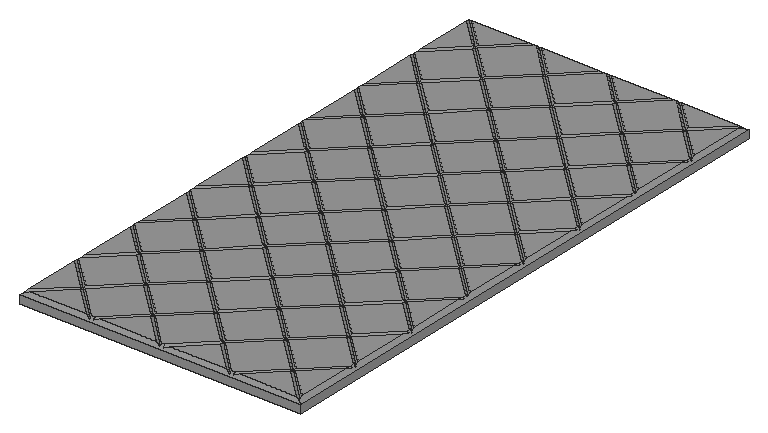
Revit family "CROSSED-2X4", category Generic Models, Revit 2024
Family settings
  Can host rebar = No
  Round Connector Dimension = Use Diameter
  Part Type = Normal
  Work Plane-Based = No
  Always vertical = Yes
  Cut with Voids When Loaded = No
  Maintain Annotation Orientation = No
  Shared = No
  Room Calculation Point = No
Parameters (values of type "STANDARD - CUSTOM PAINTED")
  URL = "https://www.acousticalsurfaces.com/envirocoustic-wood-wool/designs/"
  Thickness = 0' - 1"
  Material = "Envirocoustic Wood Wool"
  Manufacturer = "Acoustical Surfaces, Inc."
  Finish = Custom Painted
  Default Elevation = 0' - 0"
  Backer Thickness = 0' - 1"
  Backer = no
Types (9): name | Finish | Backer Thickness | Backer
  STANDARD - CUSTOM PAINTED | Custom Painted | 0' - 1" | no
  STANDARD - PRIMED WHITE | Primed White | 0' - 1" | no
  STANDARD - PRIMED CLEAR | Primed Clear | 0' - 1" | no
  2 INCH CFAB BACKER - PRIMED WHITE | Primed White | 0' - 2" | yes
  1 INCH CFAB BACKER - PRIMED WHITE | Primed White | 0' - 1" | yes
  2 INCH CFAB BACKER - PRIMED CLEAR | Primed Clear | 0' - 2" | yes
  1 INCH CFAB BACKER - PRIMED CLEAR | Primed Clear | 0' - 1" | yes
  2 INCH CFAB BACKER - CUSTOM PAINTED | Custom Painted | 0' - 2" | yes
  1 INCH CFAB BACKER - CUSTOM PAINTED | Custom Painted | 0' - 1" | yes
Reference planes (in)
  plane 1 "Center (Front/Back)": y = 0
  plane 2: z = 0
  plane 3 "Center (Left/Right)": x = 0
  plane 4: x = -12
  plane 5: x = 12
  plane 6: y = 24
  plane 7: y = -24
  plane 8: z = 1
  plane 9: z = -1
Forms (in)
  Extrusion 1, solid, material "Custom Painted" <- "Finish"
    sketch origin (0, 0, 0) x (1, 0, 0) y (0, 1, 0)
      loop
        line (12, 24) -> (-12, 24) -> (-12, -24) -> (12, -24) -> (12, 24)
    from 0 to 1
  Sweep 2, void
    path in 3D
      loop
        line (12, 24, 1) -> (-12, 24, 1) -> (-12, -24, 1) -> (12, -24, 1) -> (12, 24, 1)
    profile "Triangle : Family2" origin (12, 0, 1) x (-1, 0, 0) y (0, 0, 1)
      loop
        line (0, 0) -> (0, -0.315) -> (0.315, 0) -> (0, 0)
  Extrusion 3, solid, visible <- "Backer"
    sketch origin (0, 0, 0) x (1, 0, 0) y (0, 1, 0)
      loop
        line (12, 24) -> (-12, 24) -> (-12, -24) -> (12, -24) -> (12, 24)
    from 0 to -1
  Sweep 4, void
    path origin (0, 0, 1) x (1, 0, 0) y (0, 1, 0)
      loop
        line (12.00002, 18) -> (6.00002, 24)
    profile "Groove : Family2" origin (9.00002, 21, 1) x (-0.707107, -0.707107, 0) y (0, 0, 1)
      loop
        line (-0.1575, 0) -> (0, -0.1575) -> (0.1575, 0) -> (-0.1575, 0)
  Sweep 5, void
    path origin (0, 0, 1) x (1, 0, 0) y (0, 1, 0)
      loop
        line (12, 12) -> (0, 24)
    profile "Groove : Family2" origin (6, 18, 1) x (-0.707107, -0.707107, 0) y (0, 0, 1)
      loop
        line (-0.1575, 0) -> (0, -0.1575) -> (0.1575, 0) -> (-0.1575, 0)
  Sweep 6, void
    path origin (0, 0, 1) x (1, 0, 0) y (0, 1, 0)
      loop
        line (12, 6) -> (-6.00002, 24)
    profile "Groove : Family2" origin (2.99999, 15, 1) x (-0.707106, -0.707107, 0) y (0, 0, 1)
      loop
        line (-0.1575, 0) -> (0, -0.1575) -> (0.1575, 0) -> (-0.1575, 0)
  Sweep 7, void
    path origin (0, 0, 1) x (1, 0, 0) y (0, 1, 0)
      loop
        line (-12, 24) -> (12, 0)
    profile "Groove : Family2" origin (0, 12, 1) x (0.707107, 0.707107, 0) y (0, 0, 1)
      loop
        line (-0.1575, 0) -> (0, -0.1575) -> (0.1575, 0) -> (-0.1575, 0)
  Sweep 8, void
    path origin (0, 0, 1) x (1, 0, 0) y (0, 1, 0)
      loop
        line (-12.00002, 18) -> (12, -6)
    profile "Groove : Family2" origin (-0.00001, 6, 1) x (0.707106, 0.707107, 0) y (0, 0, 1)
      loop
        line (-0.1575, 0) -> (0, -0.1575) -> (0.1575, 0) -> (-0.1575, 0)
  Sweep 9, void
    path origin (0, 0, 1) x (1, 0, 0) y (0, 1, 0)
      loop
        line (-12, 12) -> (12, -12)
    profile "Groove : Family2" origin (0, 0, 1) x (0.707107, 0.707107, 0) y (0, 0, 1)
      loop
        line (-0.1575, 0) -> (0, -0.1575) -> (0.1575, 0) -> (-0.1575, 0)
  Sweep 10, void
    path origin (0, 0, 1) x (1, 0, 0) y (0, 1, 0)
      loop
        line (-12, 6) -> (12, -18)
    profile "Groove : Family2" origin (0, -6, 1) x (0.707107, 0.707107, 0) y (0, 0, 1)
      loop
        line (-0.1575, 0) -> (0, -0.1575) -> (0.1575, 0) -> (-0.1575, 0)
  Sweep 11, void
    path origin (0, 0, 1) x (1, 0, 0) y (0, 1, 0)
      loop
        line (-12, 0) -> (12, -24)
    profile "Groove : Family2" origin (0, -12, 1) x (0.707107, 0.707107, 0) y (0, 0, 1)
      loop
        line (-0.1575, 0) -> (0, -0.1575) -> (0.1575, 0) -> (-0.1575, 0)
  Sweep 12, void
    path origin (0, 0, 1) x (1, 0, 0) y (0, 1, 0)
      loop
        line (6.00002, -24.00002) -> (-12, -6)
    profile "Groove : Family2" origin (-2.99999, -15.00001, 1) x (-0.707107, -0.707107, 0) y (0, 0, 1)
      loop
        line (-0.1575, 0) -> (0, -0.1575) -> (0.1575, 0) -> (-0.1575, 0)
  Sweep 13, void
    path origin (0, 0, 1) x (1, 0, 0) y (0, 1, 0)
      loop
        line (0, -24) -> (-12, -12)
    profile "Groove : Family2" origin (-6, -18, 1) x (-0.707107, -0.707107, 0) y (0, 0, 1)
      loop
        line (-0.1575, 0) -> (0, -0.1575) -> (0.1575, 0) -> (-0.1575, 0)
  Sweep 14, void
    path origin (0, 0, 1) x (1, 0, 0) y (0, 1, 0)
      loop
        line (-6.00002, -24) -> (-12, -18)
    profile "Groove : Family2" origin (-9.00001, -21, 1) x (-0.707108, -0.707106, 0) y (0, 0, 1)
      loop
        line (-0.1575, 0) -> (0, -0.1575) -> (0.1575, 0) -> (-0.1575, 0)
  Sweep 15, void
    path origin (0, 0, 1) x (1, 0, 0) y (0, 1, 0)
      loop
        line (-6.00002, 24) -> (-12.00002, 18)
    profile "Groove : Family2" origin (-9.00002, 21, 1) x (0.707107, -0.707107, 0) y (0, 0, 1)
      loop
        line (-0.1575, 0) -> (0, -0.1575) -> (0.1575, 0) -> (-0.1575, 0)
  Sweep 16, void
    path origin (0, 0, 1) x (1, 0, 0) y (0, 1, 0)
      loop
        line (0, 24) -> (-12, 12)
    profile "Groove : Family2" origin (-6, 18, 1) x (0.707107, -0.707107, 0) y (0, 0, 1)
      loop
        line (-0.1575, 0) -> (0, -0.1575) -> (0.1575, 0) -> (-0.1575, 0)
  Sweep 17, void
    path origin (0, 0, 1) x (1, 0, 0) y (0, 1, 0)
      loop
        line (6.00002, 24) -> (-12, 6)
    profile "Groove : Family2" origin (-2.99999, 15, 1) x (0.707106, -0.707107, 0) y (0, 0, 1)
      loop
        line (-0.1575, 0) -> (0, -0.1575) -> (0.1575, 0) -> (-0.1575, 0)
  Sweep 18, void
    path origin (0, 0, 1) x (1, 0, 0) y (0, 1, 0)
      loop
        line (12, 24) -> (-12, 0)
    profile "Groove : Family2" origin (0, 12, 1) x (0.707107, -0.707107, 0) y (0, 0, 1)
      loop
        line (-0.1575, 0) -> (0, -0.1575) -> (0.1575, 0) -> (-0.1575, 0)
  Sweep 19, void
    path origin (0, 0, 1) x (1, 0, 0) y (0, 1, 0)
      loop
        line (-12, -6) -> (12.00002, 18)
    profile "Groove : Family2" origin (0.00001, 6, 1) x (-0.707106, 0.707107, 0) y (0, 0, 1)
      loop
        line (-0.1575, 0) -> (0, -0.1575) -> (0.1575, 0) -> (-0.1575, 0)
  Sweep 20, void
    path origin (0, 0, 1) x (1, 0, 0) y (0, 1, 0)
      loop
        line (-12, -12) -> (12, 12)
    profile "Groove : Family2" origin (0, 0, 1) x (-0.707107, 0.707107, 0) y (0, 0, 1)
      loop
        line (-0.1575, 0) -> (0, -0.1575) -> (0.1575, 0) -> (-0.1575, 0)
  Sweep 21, void
    path origin (0, 0, 1) x (1, 0, 0) y (0, 1, 0)
      loop
        line (-12, -18) -> (12, 6)
    profile "Groove : Family2" origin (0, -6, 1) x (-0.707107, 0.707107, 0) y (0, 0, 1)
      loop
        line (-0.1575, 0) -> (0, -0.1575) -> (0.1575, 0) -> (-0.1575, 0)
  Sweep 22, void
    path origin (0, 0, 1) x (1, 0, 0) y (0, 1, 0)
      loop
        line (12, 0) -> (-12, -24)
    profile "Groove : Family2" origin (0, -12, 1) x (0.707107, -0.707107, 0) y (0, 0, 1)
      loop
        line (-0.1575, 0) -> (0, -0.1575) -> (0.1575, 0) -> (-0.1575, 0)
  Sweep 23, void
    path origin (0, 0, 1) x (1, 0, 0) y (0, 1, 0)
      loop
        line (12, -6) -> (-6.00002, -24.00002)
    profile "Groove : Family2" origin (2.99999, -15.00001, 1) x (0.707107, -0.707107, 0) y (0, 0, 1)
      loop
        line (-0.1575, 0) -> (0, -0.1575) -> (0.1575, 0) -> (-0.1575, 0)
  Sweep 24, void
    path origin (0, 0, 1) x (1, 0, 0) y (0, 1, 0)
      loop
        line (12, -12) -> (0, -24)
    profile "Groove : Family2" origin (6, -18, 1) x (0.707107, -0.707107, 0) y (0, 0, 1)
      loop
        line (-0.1575, 0) -> (0, -0.1575) -> (0.1575, 0) -> (-0.1575, 0)
  Sweep 25, void
    path origin (0, 0, 1) x (1, 0, 0) y (0, 1, 0)
      loop
        line (12, -18) -> (6.00002, -24)
    profile "Groove : Family2" origin (9.00001, -21, 1) x (0.707108, -0.707106, 0) y (0, 0, 1)
      loop
        line (-0.1575, 0) -> (0, -0.1575) -> (0.1575, 0) -> (-0.1575, 0)
Cuts and joins
  Sweep 2, Sweep 4, Sweep 5, Sweep 6, Sweep 7, Sweep 8, Sweep 9, Sweep 10, Sweep 11, Sweep 12, Sweep 13, Sweep 14, Sweep 15, Sweep 16, Sweep 17, Sweep 18, Sweep 19, Sweep 20, Sweep 21, Sweep 22, Sweep 23, Sweep 24, Sweep 25 cuts Extrusion 1
Lines and regions (in)
  sketch lines
    curve 1: line (12, -24, 1) -> (12, 24, 1)
    curve 2: line (-12, -24, 1) -> (12, -24, 1)
    curve 3: line (-12, 24, 1) -> (-12, -24, 1)
    curve 4: line (12, 24, 1) -> (-12, 24, 1)
Dimensions and locks (in)
  equal spacing: plane 4, plane 3 "Center (Left/Right)", plane 5
  equal spacing: plane 7, plane 1 "Center (Front/Back)", plane 6
  plane 7 to plane 6 = 4' - 0"
  locked: plane 4 to plane 5 at 24
  "Thickness": plane 8 to level
  "Backer Thickness": level to plane 9
  aligned and locked: level to plane 2
  aligned and locked: Extrusion 1 sketch curve to plane 4
  aligned and locked: plane 5 to Extrusion 1 sketch curve
  aligned and locked: Extrusion 1 sketch curve to plane 6
  aligned and locked: Extrusion 1 sketch curve to plane 7
  aligned and locked: Extrusion 1 to plane 8
  aligned and locked: Extrusion 3 sketch curve to plane 4
  aligned and locked: plane 5 to Extrusion 3 sketch curve
  aligned and locked: Extrusion 3 sketch curve to plane 6
  aligned and locked: Extrusion 3 sketch curve to plane 7
  aligned and locked: plane 9 to Extrusion 3
Automatic sketch dimensions
  Sweep 13 sketch curve to Extrusion 1 = 0' - 0"
  Extrusion 1 to Sweep 13 sketch curve = 0' - 0"
  Sweep 13 sketch curve to Extrusion 1 = 1' - 0"  (x2)
